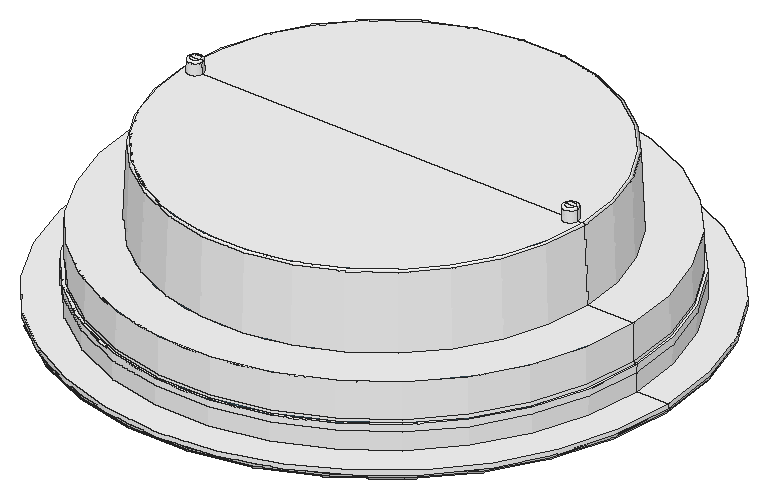
Revit family "RA 16", category Lighting Fixtures, host Ceiling, Revit 2019
Family settings
  Host = Ceiling
  Round Connector Dimension = Use Diameter
  Part Type = Normal
  OmniClass Number = 23.80.70.11
  OmniClass Title = Luminaries for Internal Lighting
  Always vertical = Yes
  Cut with Voids When Loaded = No
  Light Source = Yes
  Shared = No
  Room Calculation Point = No
Parameters (values of type "RA 16 3200lm 26W 4000K CRI85-110°-WHITE-driver 700 mA-DALI")
  Wattage = 21.5427 W
  built-in parameter 1150110 = 1 (stored number, unit not read)
  URL = "https://www.aria.lighting/prodotti/interni/incassi/ra-16"
  Type Image = RA16_TAB-Sito-Ivela.jpg
  Type Comments = "Ceiling recessed light"
  Tilt Angle = 90.00°
  Photometric Web File = "RA 16 LED_3200LM 4000KLM.IES"
  Model = "250-2"
  Manufacturer = "ARIA"
  Larghezza = 166 mm
  Lamp = "LED 3200lm 26W 4000K CRI85"
  built-in parameter 1114217 = 1 (stored number, unit not read)
  built-in parameter 1150109 = 1 (stored number, unit not read)
  Wattage Comments = "26"
  built-in parameter 1150134 = 12
  built-in parameter 1150113 = 1 (stored number, unit not read)
  Lumens = 3200 lm
  built-in parameter 1150115 = 1 (stored number, unit not read)
  built-in parameter 1150105 = 1118.5 (stored number, unit not read)
  built-in parameter 1150137 = (empty or 0)
  built-in parameter 1150139 = (empty or 0)
  built-in parameter 1150112 = 1 (stored number, unit not read)
  built-in parameter 1150114 = 1 (stored number, unit not read)
  built-in parameter 1150132 = 2
  built-in parameter 1150102 = (empty or 0)
  built-in parameter 1150138 = (empty or 0)
  built-in parameter 1150107 = 4000 (stored number, unit not read)
  built-in parameter 1150106 = 11.185 (stored number, unit not read)
  Glass material = Glass
  built-in parameter 1150104 = 13.8 (stored number, unit not read)
  Effective Intensity (lm) = 2304
  Dimming Lamp Color Temperature Shift = <None>
  Description = "RA 16 è un incasso da soffitto per luce diffusa, progettato con fonti luminose LED COB di ultima generazione.E' caratterizzato da una profondità d'incasso estremamente ridotta: il prodotto può essere installato facilmente, grazie alle molle laterali, in controsoffitti da 1 a 30 mm, anche a doghe. La cornice è integrata nel corpo del prodotto e permette un montaggio rapido ed economico. Nonostante la contenuta profondità di incasso, RA 16 garantisce prestazioni illuminotecniche elevate, ideali per l'illuminazione generale di negozi, uffici e corridoi.\r\nDriver da ordinare separatamente."
  Corrente driver (mA) = "700mA dimmerabile DALI"
  Color Filter = 16777215
  Codice = "250-230AN-21"
  CRI L'indice di Resa Cromatica = "85"
  Body material = White Powder Coated Aluminium
  Beam angle (°) = "110°"
  built-in parameter 1114218 = 1 (stored number, unit not read)
  built-in parameter 1150133 = 10 (stored number, unit not read)
Types (12, lengths in mm): name | Wattage | Photometric Web File | Lamp | Wattage Comments | built-in parameter 1150134 | Lumens | built-in parameter 1150105 | built-in parameter 1150107 | built-in parameter 1150106 | Effective Intensity (lm) | Corrente driver (mA) | Codice
  RA 16 2400lm 18W 3000K CRI85-110°-WHITE-driver 500 mA | 16.1571 W | "RA 16 LED_2400LM 3000K.IES" | "LED 2400lm 18W 3000K CRI85" | "18" | (empty or 0) | 2400 lm | 838.87 (stored number, unit not read) | 3000 (stored number, unit not read) | 8.3887 (stored number, unit not read) | 1745 | "500mA" | "250-220BN-21"
  RA 16 2400lm 18W 3000K CRI85-110°-WHITE-driver 500 mA-DALI | 16.1571 W | "RA 16 LED_2400LM 3000K.IES" | "LED 2400lm 18W 3000K CRI85" | "18" | (empty or 0) | 2400 lm | 838.87 (stored number, unit not read) | 3000 (stored number, unit not read) | 8.3887 (stored number, unit not read) | 1745 | "500mA dimmerabile DALI" | "250-220BN-21"
  RA 16 2400lm 18W 3000K CRI85-110°-WHITE-driver 700 mA | 16.1571 W | "RA 16 LED_2400LM 3000K.IES" | "LED 2400lm 18W 3000K CRI85" | "18" | (empty or 0) | 2400 lm | 838.87 (stored number, unit not read) | 3000 (stored number, unit not read) | 8.3887 (stored number, unit not read) | 1745 | "700mA" | "250-220BN-21"
  RA 16 2450lm 18W 4000K CRI85-110°-WHITE-driver 500 mA | 16.4937 W | "RA 16 LED 18W 2450 lm 4000K.IES" | "LED 2450lm 18W 4000K CRI85" | "18" | 12 | 2450 lm | 856.34 (stored number, unit not read) | 4000 (stored number, unit not read) | 8.5634 (stored number, unit not read) | 1781 | "500mA" | "250-220AN-21"
  RA 16 2450lm 18W 4000K CRI85-110°-WHITE-driver 500 mA-DALI | 16.4937 W | "RA 16 LED 18W 2450 lm 4000K.IES" | "LED 2450lm 18W 4000K CRI85" | "18" | 12 | 2450 lm | 856.34 (stored number, unit not read) | 4000 (stored number, unit not read) | 8.5634 (stored number, unit not read) | 1781 | "500mA dimmerabile DALI" | "250-220AN-21"
  RA 16 2450lm 18W 4000K CRI85-110°-WHITE-driver 700 mA | 16.4937 W | "RA 16 LED 18W 2450 lm 4000K.IES" | "LED 2450lm 18W 4000K CRI85" | "18" | 12 | 2450 lm | 856.34 (stored number, unit not read) | 4000 (stored number, unit not read) | 8.5634 (stored number, unit not read) | 1781 | "700mA" | "250-220AN-21"
  RA 16 3100lm 26W 3000K CRI85-110°-WHITE-driver 700 mA | 20.8695 W | "RA 16 LED_3100LM 3000KLM.IES" | "LED 3100lm 26W 3000K CRI85" | "26" | (empty or 0) | 3100 lm | 1083.5 (stored number, unit not read) | 3000 (stored number, unit not read) | 10.835 (stored number, unit not read) | 2232 | "700mA" | "250-230BN-21"
  RA 16 3100lm 26W 3000K CRI85-110°-WHITE-driver 700 mA regolabile | 20.8695 W | "RA 16 LED_3100LM 3000KLM.IES" | "LED 3100lm 26W 3000K CRI85" | "26" | (empty or 0) | 3100 lm | 1083.5 (stored number, unit not read) | 3000 (stored number, unit not read) | 10.835 (stored number, unit not read) | 2232 | "700mA regolabile sul taglio di fase" | "250-230BN-21"
  RA 16 3100lm 26W 3000K CRI85-110°-WHITE-driver 700 mA-DALI | 20.8695 W | "RA 16 LED_3100LM 3000KLM.IES" | "LED 3100lm 26W 3000K CRI85" | "26" | (empty or 0) | 3100 lm | 1083.5 (stored number, unit not read) | 3000 (stored number, unit not read) | 10.835 (stored number, unit not read) | 2232 | "700mA dimmerabile DALI" | "250-230BN-21"
  RA 16 3200lm 26W 4000K CRI85-110°-WHITE-driver 700 mA | 21.5427 W | "RA 16 LED_3200LM 4000KLM.IES" | "LED 3200lm 26W 4000K CRI85" | "26" | 12 | 3200 lm | 1118.5 (stored number, unit not read) | 4000 (stored number, unit not read) | 11.185 (stored number, unit not read) | 2304 | "700mA" | "250-230AN-21"
  RA 16 3200lm 26W 4000K CRI85-110°-WHITE-driver 700 mA regolabile | 21.5427 W | "RA 16 LED_3200LM 4000KLM.IES" | "LED 3200lm 26W 4000K CRI85" | "26" | 12 | 3200 lm | 1118.5 (stored number, unit not read) | 4000 (stored number, unit not read) | 11.185 (stored number, unit not read) | 2304 | "700mA regolabile sul taglio di fase" | "250-230AN-21"
  RA 16 3200lm 26W 4000K CRI85-110°-WHITE-driver 700 mA-DALI | 21.5427 W | "RA 16 LED_3200LM 4000KLM.IES" | "LED 3200lm 26W 4000K CRI85" | "26" | 12 | 3200 lm | 1118.5 (stored number, unit not read) | 4000 (stored number, unit not read) | 11.185 (stored number, unit not read) | 2304 | "700mA dimmerabile DALI" | "250-230AN-21"
Reference planes
  plane 1 "Light Source Axis (F/B)": y = 0
  plane 2: z = 0
  plane 3 "Light Source Axis (L/R)": x = 0
  plane 4 "Ceiling": z = 4000
  plane 5 "Light Source Elevation": z = 4000
  plane 6: x = -83
  plane 7: x = 83
  plane 8: z = 4042
Forms (mm)
  Revolve 1, solid, material "White Powder Coated Aluminium" <- "Body material"
    sketch origin (0, 0, 0) x (1, 0, 0) y (0, 0, 1)
      loop
        line (-64.5, 4000) -> (-83, 4000) -> (-83, 3998.7) -> (-82.712, 3997.909)
        arc (-82.712, 3997.909) -> (-82.489, 3997.582) -> (-82.136, 3997.402) r 0.8
        arc (-82.136, 3997.402) -> (-76.355, 3996.41) -> (-70.504, 3996.009) r 57.723
        line (-70.504, 3996.009) -> (-64.5, 3996.009) -> (-64.5, 4000)
      axis (0, 4000) -> (0, 3996.009)
    angle from 0 to 360
  Revolve 2, solid, material "White Powder Coated Aluminium" <- "Body material"
    sketch origin (0, 0, 0) x (1, 0, 0) y (0, 0, 1)
      loop
        arc (-57.996, 4038.5) -> (-58.36, 4038.354) -> (-58.522, 4037.996) r 0.527
        line (-58.522, 4037.996) -> (-59.417, 4017.5) -> (-72.855, 4017.5) -> (-73.025, 4007.713)
        arc (-73.025, 4007.713) -> (-73.043, 4007.305) -> (-73.079, 4006.899) r 9.232
        line (-73.079, 4006.899) -> (-73.88, 4006.899) -> (-73.913, 4005) -> (-73.771, 4000) -> (-64.512, 4000) -> (-54.63, 4012.5) -> (-47.4, 4033.5) -> (0, 4033.5) -> (0, 4038.5) -> (-57.996, 4038.5)
      axis (0, 4038.5) -> (0, 4000)
    angle from 0 to 360
  Extrusion 3, solid, material "Glass" <- "Glass material"
    sketch origin (0, 0, 4000) x (0, 1, 0) y (-1, 0, 0)
      loop
        circle (0, 0) r 64.5
    from 0 to 0.8
  Revolve 4, solid, material "White Powder Coated Aluminium" <- "Body material"
    sketch origin (0, 0, 0) x (1, 0, 0) y (0, 0, 1)
      loop
        line (-57.122, 4038.5) -> (-55, 4038.5) -> (-55, 4042) -> (-56.489, 4042)
        arc (-56.489, 4042) -> (-56.857, 4041.852) -> (-57.018, 4041.49) r 0.529
        line (-57.018, 4041.49) -> (-57.122, 4038.5)
      axis (-55, 4042) -> (-55, 4038.5)
    angle from 0 to 360
  Revolve 5, solid, material "White Powder Coated Aluminium" <- "Body material"
    sketch origin (109.5, 0, 0) x (1, 0, 0) y (0, 0, 1)
      loop
        line (-57.122, 4038.5) -> (-55, 4038.5) -> (-55, 4042) -> (-56.489, 4042)
        arc (-56.489, 4042) -> (-56.857, 4041.852) -> (-57.018, 4041.49) r 0.529
        line (-57.018, 4041.49) -> (-57.122, 4038.5)
      axis (-55, 4042) -> (-55, 4038.5)
    angle from 0 to 360
Lines and regions (mm)
  Opening 1
    outline origin (0, 0, 4000) x (1, 0, 0) y (0, 1, 0)
      loop
        circle (0, 0) r 77.5
Dimensions and locks
  equal spacing: host sketch curve, plane 3 "Light Source Axis (L/R)", host sketch curve
  equal spacing: host sketch curve, plane 1 "Light Source Axis (F/B)", host sketch curve
  host sketch curve to host sketch curve = 4000 mm  (x2)
  plane 4 "Ceiling" to host ceiling = 0 mm
  equal spacing: plane 7, plane 3 "Light Source Axis (L/R)", plane 6
  plane 8 to plane 5 "Light Source Elevation" = 42 mm
  "Larghezza": plane 7 to plane 6
  imposter light to plane 8 = 42 mm
  aligned and locked: plane 3 "Light Source Axis (L/R)" to imposter light
  aligned and locked: plane 1 "Light Source Axis (F/B)" to imposter light
  aligned and locked: plane 5 "Light Source Elevation" to imposter light
  aligned and locked: plane 5 "Light Source Elevation" to plane 4 "Ceiling"
  aligned and locked: Revolve 1 sketch curve to plane 6
Automatic sketch dimensions
  Opening 1 sketch curve to plane 3 "Light Source Axis (L/R)" = 0 mm
  Opening 1 sketch curve to plane 3 "Light Source Axis (L/R)" = 77.5 mm
  plane 1 "Light Source Axis (F/B)" to Opening 1 sketch curve = 0 mm
  Revolve 1 sketch curve to plane 4 "Ceiling" = 0 mm
  Revolve 1 sketch curve to plane 3 "Light Source Axis (L/R)" = 0 mm
  plane 6 to Revolve 1 sketch curve = 0.288 mm
  Revolve 1 sketch curve to Revolve 1 sketch curve = 0.752 mm
  plane 4 "Ceiling" to Revolve 1 sketch curve = 1.3 mm
  Revolve 1 sketch curve to Revolve 1 sketch curve = 0.517 mm
  Revolve 1 sketch curve to Revolve 1 sketch curve = 0.274 mm
  plane 8 to Revolve 1 sketch curve = 11.723 mm
  Revolve 1 sketch curve to Revolve 1 sketch curve = 0 mm
  plane 4 "Ceiling" to Revolve 1 sketch curve = 3.991 mm
  Revolve 1 sketch curve to Revolve 1 sketch curve = 6.004 mm
  Revolve 1 sketch curve to level = 377.986 mm
  Revolve 1 sketch curve to Revolve 1 sketch curve = 395.5 mm
  Revolve 1 sketch curve to Revolve 1 sketch curve = 4.99 mm
  Revolve 4 sketch curve to plane 8 = 0 mm
  Revolve 4 sketch curve to plane 8 = 0.51 mm
  Revolve 4 sketch curve to Revolve 4 sketch curve = 0.529 mm
  Revolve 4 sketch curve to Revolve 4 sketch curve = 0.104 mm
  Revolve 4 sketch curve to Revolve 4 sketch curve = 1.489 mm
  plane 6 to Revolve 4 sketch curve = 28 mm
  Revolve 4 sketch curve to level = 356.184 mm
  Revolve 4 sketch curve to Revolve 4 sketch curve = 3.5 mm
  plane 8 to Revolve 4 sketch curve = 429.024 mm
  plane 6 to Revolve 4 sketch curve = 26.511 mm
  Revolve 5 sketch curve to plane 8 = 0 mm
  Revolve 5 sketch curve to plane 8 = 3.5 mm
  plane 6 to Revolve 5 sketch curve = 135.378 mm
  Revolve 5 sketch curve to plane 8 = 0.51 mm
  Revolve 5 sketch curve to Revolve 5 sketch curve = 0.104 mm
  Revolve 5 sketch curve to Revolve 5 sketch curve = 0.529 mm
  Revolve 5 sketch curve to Revolve 5 sketch curve = 1.489 mm
  plane 6 to Revolve 5 sketch curve = 137.5 mm
  Revolve 5 sketch curve to level = 356.184 mm
  Revolve 5 sketch curve to Revolve 5 sketch curve = 429.024 mm
  Revolve 2 sketch curve to plane 4 "Ceiling" = 0 mm
  Revolve 2 sketch curve to plane 3 "Light Source Axis (L/R)" = 0 mm  (x2)
  Revolve 2 sketch curve to plane 4 "Ceiling" = 12.5 mm
  plane 6 to Revolve 2 sketch curve = 28.37 mm
  Revolve 2 sketch curve to plane 8 = 4.027 mm
  plane 6 to Revolve 2 sketch curve = 25.004 mm
  Revolve 2 sketch curve to plane 8 = 4.004 mm
  Revolve 2 sketch curve to Revolve 2 sketch curve = 0.526 mm
  Revolve 2 sketch curve to Revolve 2 sketch curve = 4.786 mm
  Revolve 2 sketch curve to Revolve 2 sketch curve = 9.882 mm
  plane 6 to Revolve 2 sketch curve = 10.145 mm
  Revolve 2 sketch curve to Revolve 2 sketch curve = 0.171 mm
  Revolve 2 sketch curve to Revolve 2 sketch curve = 0.054 mm
  Revolve 2 sketch curve to Revolve 2 sketch curve = 0.692 mm
  Revolve 2 sketch curve to Revolve 2 sketch curve = 0.8 mm
  Revolve 2 sketch curve to Revolve 2 sketch curve = 0.033 mm
  plane 6 to Revolve 2 sketch curve = 0.745 mm
  Revolve 2 sketch curve to plane 4 "Ceiling" = 5 mm
  Revolve 2 sketch curve to Revolve 2 sketch curve = 1.899 mm
  Revolve 2 sketch curve to Revolve 2 sketch curve = 0.813 mm
  Revolve 2 sketch curve to Revolve 2 sketch curve = 5 mm  (x2)
  Revolve 2 sketch curve to Revolve 2 sketch curve = 10.596 mm
  Revolve 2 sketch curve to level = 377.986 mm
  plane 8 to Revolve 2 sketch curve = 407.222 mm
  radius of Extrusion 3 sketch curve to Revolve 1 = 0 mm
